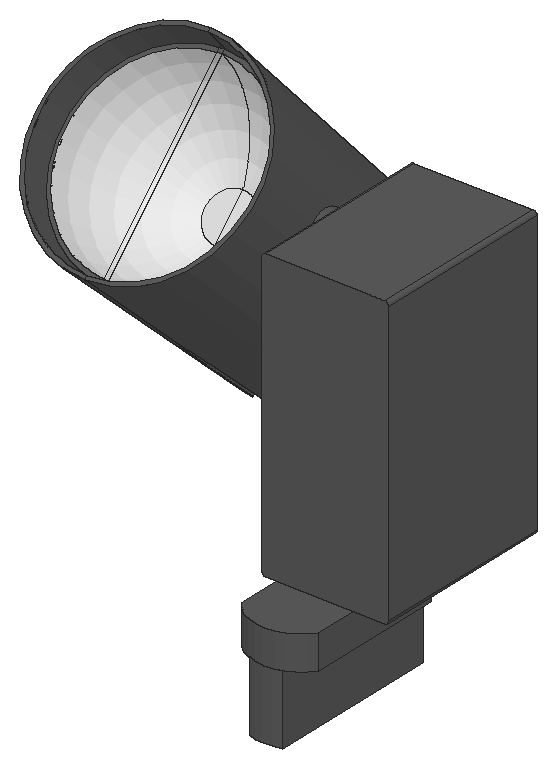
Revit family "0004850 Feilo Sylvania Lighting Fixture START TRACK SPOT S 24W 4K RA80 NB BLACK", category Lighting Fixtures, host Face, Revit 2017 (continued)
Definition of nested family "Start Track Spot Head"
  Types (96, lengths in mm): name | Wattage | built-in parameter 1150134 | Photometric Web File | Model | built-in parameter 1150105 | Lumens | built-in parameter 1150107 | built-in parameter 1150106 | HeadThickness_FEILO | HeadRibOffset_FEILO | HeadRibDepth_FEILO | HeadRibCutWidth_FEILO | HeadRibCutOffset_FEILO | HeadReflectorRadius_FEILO | HeadReflectorOffset_FEILO | HeadLEDRadius_FEILO | HeadHeight_FEILO | HeadDiffusorOffset_FEILO | HeadDiaOut_FEILO | HeadDiaIn_FEILO | HeadAxisFromTop_FEILO | Emit from Circle Diameter | built-in parameter 1150104 | Description | Apparent Load
    0004812 START TRACK SPOT S 14W 3K RA80 MB WHITE | 14 W | (empty or 0) | "0004812.ies" | "START TRACK SPOT S 14W 3K RA80 MB WHITE" | 120.32 (stored number, unit not read) | 1512 lm | 3000 (stored number, unit not read) | 1.2032 (stored number, unit not read) | 1.5 | 4.179 | 55.714 | 7.167 | 50.87 | 50.588 | 55.714 | 9.556 | 117 | 9.435 | 86 | 77.477 | 69.354 | 77.477 | 10.034 (stored number, unit not read) | "Integrated LED spotlight, Textured White - RAL9016, compact and minimalist design, ideal for retail applications, die-cast aluminium body, passive cooling heatsink. Beam angle: 36°, color temperature: 3000K , total system power: 14W, total fixture output: 1508 lm, LOR: 100%, colour rendering: Ra: 80 typical, LED Chromaticity: 3 step MacAdam ellipse, lifetime: >50000 hours at L70B50, energy class: A++, A+, A, IR/UV free light source without heat radiation, operating voltage: 220-240V / 50-60Hz, drive current: 350mA, electronic driver, non-dimmable, power factor: 0.92, electrical protection: Class II, Global Track 3 Phase adapter suitable for Global trac 3-circuit tracks, ingress protection rating: IP20, suitable for internal environment only, horizontal rotation: 355°, vertical tilt: 90°, dimensions: Ø86x140x200, weight: 0.940kg." | 14 VA
    0004811 START TRACK SPOT S 14W 3K RA80 NB WHITE | 14 W | (empty or 0) | "0004811.ies" | "START TRACK SPOT S 14W 3K RA80 NB WHITE" | 123.66 (stored number, unit not read) | 1554 lm | 3000 (stored number, unit not read) | 1.2366 (stored number, unit not read) | 1.5 | 4.179 | 55.714 | 7.167 | 50.87 | 50.588 | 55.714 | 9.556 | 117 | 9.435 | 86 | 77.477 | 69.354 | 77.477 | 10.312 (stored number, unit not read) | "Integrated LED spotlight, Textured White - RAL9016, compact and minimalist design, ideal for retail applications, die-cast aluminium body, passive cooling heatsink. Beam angle: 12°, color temperature: 3000K , total system power: 14W, total fixture output: 1551 lm, LOR: 100%, colour rendering: Ra: 80 typical, LED Chromaticity: 3 step MacAdam ellipse, lifetime: >50000 hours at L70B50, energy class: A++, A+, A, IR/UV free light source without heat radiation, operating voltage: 220-240V / 50-60Hz, drive current: 350mA, electronic driver, non-dimmable, power factor: 0.92, electrical protection: Class II, Global Track 3 Phase adapter suitable for Global trac 3-circuit tracks, ingress protection rating: IP20, suitable for internal environment only, horizontal rotation: 355°, vertical tilt: 90°, dimensions: Ø86x140x200, weight: 0.940kg." | 14 VA
  Reference planes
    plane 1 "Center (Front/Back)": y = 0
    plane 2: z = 0
    plane 3 "Center (Left/Right)": x = 0
    plane 4: x = 43
    plane 5: x = -43
    plane 6: x = -38.739
    plane 7: x = 38.739
    plane 8: z = 69.354
    plane 9: z = -47.646
    plane 10: x = -41.5
    plane 11: x = -37.239
    plane 12: z = -38.211
    plane 13: z = -35.211
    plane 14: z = 8.068
    plane 15: x = -9.556
    plane 16: x = -28.667
    plane 17: x = -19.111
    plane 18: x = -27.167
    plane 19: x = -17.611
    plane 20: x = -8.056
    plane 21: z = 13.64
    plane 22: x = -29.667
    plane 23: x = -26.167
    plane 24: x = -20.111
    plane 25: x = -16.611
    plane 26: x = -10.556
    plane 27: x = -7.056
    plane 28: x = -36.239
    plane 29: x = -40.5
    plane 30: z = 65.175
    plane 31: z = 60.997
    plane 32: z = 56.818
    plane 33: z = 18.484
    plane 34: y = -43
    plane 35: y = 43
    plane 36: y = 3.583
    plane 37: y = -3.583
    plane 38: y = -2.583
    plane 39: y = 2.583
    plane 40: y = 46
    plane 41: z = 13.5
    plane 42: z = -13.5
    plane 43: y = 39
    plane 44: x = 4.708
    plane 45: x = -2.458
    plane 46: x = -1.458
    plane 47: x = 1.458
  Forms (mm)
    Extrusion 1, solid
      sketch origin (4.2, 0, 0) x (1, 0, 0) y (0, 1, 0)
        loop
          line (-1219.2, 1219.2) -> (-1219.2, -1219.2) -> (1219.2, -1219.2) -> (1219.2, 1219.2) -> (-1219.2, 1219.2)
      from 0 to -68.017
    Revolve 2, solid, material <- "Material_1_FEILO", detail levels medium+fine
      sketch origin (0, 0, 0) x (1, 0, 0) y (0, 0, 1)
        loop
          line (-43, -47.646) -> (-41.5, -47.646) -> (-40.5, -35.211) -> (-38.739, -35.211)
          arc (-38.739, -35.211) -> (-30.16, -9.517) -> (-9.556, 8.068) r 50.588
          line (-9.556, 8.068) -> (0, 8.068) -> (0, 13.64) -> (-16.611, 13.64) -> (-17.611, 60.997) -> (-19.111, 60.997) -> (-20.111, 13.64) -> (-36.239, 13.64) -> (-37.239, 69.354) -> (-38.739, 69.354) -> (-43, -47.646)
        axis (0, 69.354) -> (0, -47.646)
      angle from 360 to 0
    Extrusion 3, void
      sketch origin (0, 0, 0) x (0, 1, 0) y (0, 0, 1)
        loop
          line (-3.583, 69.354) -> (-2.583, 18.484) -> (1.932, 18.484) -> (2.932, 69.354) -> (-3.583, 69.354)
      from 43 to -43
    Revolve 4, solid, material <- "Material_2_FEILO", detail levels medium+fine
      sketch origin (0, 0, 0) x (1, 0, 0) y (0, 0, 1)
        loop
          line (-41.5, -38.211) -> (0, -38.211) -> (0, -35.211) -> (-41.5, -35.211) -> (-41.5, -38.211)
        axis (0, -35.211) -> (0, -38.211)
      angle from 360 to 0
    Revolve 5, solid, material <- "Material_1_FEILO"
      sketch origin (0, 0, 0) x (0, 1, 0) y (0, 0, 1)
        loop
          line (46, 0) -> (39, 0) -> (39, -13.5) -> (46, -13.5) -> (46, 0)
        axis (39, 0) -> (46, 0)
      angle from 360 to 0
    Revolve 6, solid, material <- "Material_1_FEILO", detail levels medium+fine
      sketch origin (0, 0, 0) x (1, 0, 0) y (0, 0, 1)
        loop
          line (-29.667, 13.64) -> (-26.167, 13.64) -> (-27.167, 65.175) -> (-28.667, 65.175) -> (-29.667, 13.64)
        loop
          line (-10.556, 13.64) -> (-7.056, 13.64) -> (-7.833, 56.818) -> (-9.778, 56.818) -> (-10.556, 13.64)
        axis (0, 65.175) -> (0, 13.64)
      angle from 360 to 0
    Extrusion 7, void
      sketch origin (0, 0, 0) x (1, 0, 0) y (0, 0, 1)
        loop
          line (4.708, 69.354) -> (-2.458, 69.354) -> (-1.458, 13.64) -> (1.458, 13.64) -> (4.708, 69.354)
      from -43 to 43
    Revolve 8, solid, material <- "Material_1_FEILO", detail levels coarse
      sketch origin (0, 0, 0) x (1, 0, 0) y (0, 0, 1)
        loop
          line (0, 69.354) -> (-38.739, 69.354) -> (-43, -47.646) -> (-41.5, -47.646) -> (-40.731, -38.211) -> (0, -38.211) -> (0, 69.354)
        axis (0, 69.354) -> (0, -47.646)
      angle from 360 to 0
  Cuts and joins
    Extrusion 3 cuts Revolve 2
    Extrusion 7 cuts Revolve 6
  Dimensions and locks
    equal spacing: plane 7, plane 3 "Center (Left/Right)", plane 6
    equal spacing: plane 4, plane 3 "Center (Left/Right)", plane 5
    "HeadDiaOut_FEILO": plane 4 to plane 5
    "HeadDiaIn_FEILO": plane 7 to plane 6
    "HeadHeight_FEILO": plane 8 to plane 9
    "HeadThickness_FEILO": plane 10 to plane 5
    "HeadThickness_FEILO": plane 11 to plane 6
    "HeadDiffusorOffset_FEILO": plane 12 to plane 9
    "HeadDiffusorThickness_FEILO": plane 13 to plane 12
    "HeadReflectorOffset_FEILO": plane 14 to plane 9
    "HeadLEDRadius_FEILO": plane 3 "Center (Left/Right)" to plane 15
    "HeadLEDRadius_FEILO": plane 15 to plane 17
    "HeadLEDRadius_FEILO": plane 17 to plane 16
    "HeadThickness_FEILO": plane 18 to plane 16
    "HeadThickness_FEILO": plane 19 to plane 17
    "HeadThickness_FEILO": plane 20 to plane 15
    "HeadRibDepth_FEILO": plane 8 to plane 21
    "HeadDraft_FEILO": plane 16 to plane 22
    "HeadDraft_FEILO": plane 23 to plane 18
    "HeadDraft_FEILO": plane 17 to plane 24
    "HeadDraft_FEILO": plane 25 to plane 19
    "HeadDraft_FEILO": plane 15 to plane 26
    "HeadDraft_FEILO": plane 27 to plane 20
    "HeadDraft_FEILO": plane 29 to plane 10
    "HeadDraft_FEILO": plane 28 to plane 11
    "HeadRibOffset_FEILO": plane 8 to plane 30
    "HeadRibOffset_FEILO": plane 30 to plane 31
    "HeadRibOffset_FEILO": plane 31 to plane 32
    "HeadAxisFromTop_FEILO": plane 8 to plane 2
    "HeadRibCutOffset_FEILO": plane 8 to plane 33
    equal spacing: plane 34, plane 1 "Center (Front/Back)", plane 35
    "HeadDiaOut_FEILO": plane 34 to plane 35
    equal spacing: plane 38, plane 1 "Center (Front/Back)", plane 39
    equal spacing: plane 37, plane 1 "Center (Front/Back)", plane 36
    "HeadRibCutWidth_FEILO": plane 37 to plane 36
    "HeadDraft_FEILO": plane 37 to plane 38
    locked: plane 35 to plane 40 at 3
    equal spacing: plane 41, plane 2, plane 42
    locked: plane 42 to plane 41 at 27
    locked: plane 43 to plane 35 at 4
    equal spacing: plane 45, imposter light, plane 44
    "HeadDraft_FEILO": plane 46 to plane 45
    "HeadRibCutWidth_FEILO": plane 44 to plane 45
    equal spacing: plane 47, plane 3 "Center (Left/Right)", plane 46
    "HeadReflectorRadius_FEILO": radius of Revolve 2 sketch curve
    aligned and locked: plane 2 to Extrusion 1
    aligned and locked: level to Extrusion 1
    aligned and locked: Revolve 2 sketch curve to plane 3 "Center (Left/Right)"  (x2)
    aligned and locked: plane 9 to Revolve 2 sketch curve  (x2)
    aligned and locked: plane 5 to Revolve 2 sketch curve
    aligned and locked: plane 10 to Revolve 2 sketch curve
    aligned and locked: plane 14 to Revolve 2 sketch curve
    aligned and locked: plane 8 to Revolve 2 sketch curve
    aligned and locked: Revolve 2 sketch curve to plane 13
    aligned and locked: plane 12 to Revolve 4 sketch curve
    aligned and locked: plane 3 "Center (Left/Right)" to Revolve 4 sketch curve
    aligned and locked: Revolve 4 sketch curve to plane 10
    aligned and locked: Revolve 4 sketch curve to plane 3 "Center (Left/Right)"
    aligned and locked: plane 12 to imposter light
    aligned and locked: imposter light to plane 1 "Center (Front/Back)"
    aligned and locked: Revolve 5 sketch curve to plane 2
    aligned and locked: plane 43 to Revolve 5 sketch curve
    aligned and locked: plane 42 to Revolve 5 sketch curve
    aligned and locked: Revolve 6 sketch curve to plane 3 "Center (Left/Right)"
    aligned and locked: plane 22 to Revolve 6 sketch curve
    aligned and locked: plane 30 to Revolve 6 sketch curve
    aligned and locked: plane 23 to Revolve 6 sketch curve
    aligned and locked: Revolve 6 sketch curve to plane 21  (x2)
    aligned and locked: plane 21 to Revolve 6 sketch curve
    aligned and locked: plane 17 to Revolve 2 sketch curve
    aligned and locked: plane 19 to Revolve 2 sketch curve
    aligned and locked: plane 31 to Revolve 2 sketch curve
    aligned and locked: plane 21 to Revolve 2 sketch curve
    aligned and locked: Extrusion 3 to plane 8
    aligned and locked: plane 33 to Extrusion 3
    aligned and locked: plane 8 to Extrusion 3 sketch curve
    aligned and locked: Extrusion 3 sketch curve to plane 33
    aligned and locked: Extrusion 3 to plane 5
    aligned and locked: plane 4 to Extrusion 3
    aligned and locked: plane 32 to Revolve 6 sketch curve
    aligned and locked: plane 44 to Extrusion 7 sketch curve
    aligned and locked: Extrusion 7 sketch curve to plane 8
    aligned and locked: plane 46 to Extrusion 7 sketch curve
    aligned and locked: plane 21 to Extrusion 7 sketch curve
    aligned and locked: plane 34 to Extrusion 7
    aligned and locked: Extrusion 7 to plane 35
    aligned and locked: Revolve 4 sketch curve to plane 13
    aligned and locked: Revolve 5 sketch curve to plane 40
    aligned and locked: Revolve 8 sketch curve to plane 3 "Center (Left/Right)"
    aligned and locked: Revolve 8 sketch curve to cut or joined group of Revolve 2, Extrusion 3  (x3)
    aligned and locked: plane 5 to Revolve 8 sketch curve
    aligned and locked: plane 3 "Center (Left/Right)" to Revolve 8 sketch curve
    aligned and locked: plane 12 to Revolve 8 sketch curve
  Automatic sketch dimensions
    Extrusion 1 sketch curve to Extrusion 1 sketch curve = 2438.4 mm  (x2)
    Extrusion 3 sketch curve to plane 37 = 0 mm
    Extrusion 3 sketch curve to plane 38 = 0 mm
    plane 39 to Extrusion 3 sketch curve = 0.651 mm
    Extrusion 3 sketch curve to plane 39 = 0.349 mm
    Revolve 6 sketch curve to plane 16 = 0 mm
    Revolve 6 sketch curve to plane 18 = 0 mm
    Revolve 6 sketch curve to plane 26 = 0 mm
    Revolve 6 sketch curve to plane 27 = 0 mm
    Revolve 6 sketch curve to plane 15 = 0.222 mm
    plane 9 to Revolve 6 sketch curve = 559.103 mm
    Revolve 6 sketch curve to plane 8 = 2535.555 mm
    plane 20 to Revolve 6 sketch curve = 0.222 mm
    Revolve 2 sketch curve to plane 29 = 0 mm
    Revolve 2 sketch curve to plane 6 = 0 mm  (x2)
    Revolve 2 sketch curve to plane 11 = 0 mm
    Revolve 2 sketch curve to plane 21 = 0 mm
    Revolve 2 sketch curve to plane 28 = 0 mm
    Revolve 2 sketch curve to plane 24 = 0 mm
    Revolve 2 sketch curve to plane 25 = 0 mm
    Revolve 2 sketch curve to plane 15 = 0 mm
    Revolve 2 sketch curve to Revolve 2 sketch curve = 557.155 mm
    Revolve 2 sketch curve to plane 8 = 2535.558 mm
    Extrusion 7 sketch curve to plane 45 = 0 mm
    Extrusion 7 sketch curve to plane 47 = 0 mm
    plane 9 to Revolve 4 sketch curve = 559.103 mm
    Revolve 4 sketch curve to plane 8 = 2535.555 mm
    Revolve 5 sketch curve to level = 0 mm
    plane 34 to Revolve 5 sketch curve = 1968.092 mm
    Revolve 5 sketch curve to plane 40 = 1405.763 mm
    Revolve 8 sketch curve to plane 6 = 0 mm
    Revolve 8 sketch curve to plane 29 = 0.231 mm
    plane 9 to Revolve 8 sketch curve = 559.103 mm
    Revolve 8 sketch curve to Revolve 8 sketch curve = 2535.555 mm
Definition of nested family "Start Track Spot Box"
  Parameters (values of type "Type Large White")
    URL = "http://www.feilosylvania.com"
    Type Image = (empty or 0)
    Type Comments = "n/a"
    Small_FEILO = no
    Material_3_FEILO = none
    Model = ""
    Manufacturer = "Feilo Sylvania"
    Keynote = ""
    Material_2_FEILO = none
    Description = ""
    Default Elevation = 1219.2 mm
    Cost = 0
    Material_1_FEILO = none
    BoxWidth_FEILO = 49 mm
    BoxStartAngle_FEILO [instance] = 0.00°
    BoxRadius_FEILO = 1.5 mm
    BoxHeight_FEILO = if(Small_FEILO, 112 mm, 136 mm)  # 136 mm
    BoxEndAngle_FEILO [instance] = BoxStartAngle_FEILO - 180.00°  # -180.00°
    BoxDepth_FEILO = if(Small_FEILO, 71.5 mm, 79 mm)  # 79 mm
    BoxAxisVerticalOffset_FEILO = 16 mm
    BoxAxisOffset_FEILO = BoxHeight_FEILO / 6.8  # 20 mm
    Assembly Code = ""
    Material_4_FEILO = none
  Types (4, lengths in mm): name | Small_FEILO | BoxHeight_FEILO | BoxDepth_FEILO | BoxAxisOffset_FEILO
    Type Large White | no | 136 | 79 | 20
    Type Small White | yes | 112 | 71.5 | 16.471
    Type Small Black | yes | 112 | 71.5 | 16.471
    Type Large Black | no | 136 | 79 | 20
  Reference planes
    plane 1 "Center (Front/Back)": y = 0
    plane 2: z = 0
    plane 3 "Center (Left/Right)": x = 0
    plane 4: x = 24.5
    plane 5: x = -24.5
    plane 6: y = 68
    plane 7: y = -68
    plane 8: z = 39.5
    plane 9: z = -39.5
    plane 10: y = -48
    plane 11: x = 30.5
    plane 12: x = 8.5
    plane 13: x = 21.5
    plane 14: y = 70
    plane 15: y = 72
    plane 16: x = 19.5
  Forms (mm)
    Extrusion 1, solid
      sketch origin (4.2, 0, 0) x (1, 0, 0) y (0, 1, 0)
        loop
          line (-1219.2, 1219.2) -> (-1219.2, -1219.2) -> (1219.2, -1219.2) -> (1219.2, 1219.2) -> (-1219.2, 1219.2)
      from 0 to -68.017
    Extrusion 2, solid, material <- "Material_1_FEILO"
      sketch origin (0, 0, 0) x (1, 0, 0) y (0, 1, 0)
        loop
          arc (-23, 68) -> (-24.061, 67.561) -> (-24.5, 66.5) r 1.5
          line (-24.5, 66.5) -> (-24.5, -66.5)
          arc (-24.5, -66.5) -> (-24.061, -67.561) -> (-23, -68) r 1.5
          line (-23, -68) -> (23, -68)
          arc (23, -68) -> (24.061, -67.561) -> (24.5, -66.5) r 1.5
          line (24.5, -66.5) -> (24.5, 66.5)
          arc (24.5, 66.5) -> (24.061, 67.561) -> (23, 68) r 1.5
          line (23, 68) -> (-23, 68)
      from -39.5 to 39.5
    Revolve 3, solid, not visible
      sketch origin (0, 0, 0) x (1, 0, 0) y (0, 1, 0)
        loop
          line (30.5, -48) -> (24.5, -48) -> (24.5, -68) -> (30.5, -68) -> (30.5, -48)
        axis (30.5, -48) -> (24.5, -48)
      angle from 0 <- "BoxStartAngle_FEILO" to -180 <- "BoxEndAngle_FEILO"
    Revolve 4, solid, material <- "Material_2_FEILO"
      sketch origin (0, 0, 0) x (1, 0, 0) y (0, 1, 0)
        loop
          line (8.5, 68) -> (19.5, 68) -> (19.5, 70) -> (21.5, 70) -> (21.5, 72) -> (8.5, 72) -> (8.5, 68)
        axis (8.5, 72) -> (8.5, 68)
      angle from 360 to 0
  Dimensions and locks
    equal spacing: plane 5, plane 3 "Center (Left/Right)", plane 4
    "BoxWidth_FEILO": plane 5 to plane 4
    equal spacing: plane 7, plane 1 "Center (Front/Back)", plane 6
    "BoxHeight_FEILO": plane 7 to plane 6
    equal spacing: plane 8, plane 2, plane 9
    "BoxDepth_FEILO": plane 8 to plane 9
    "BoxAxisOffset_FEILO": plane 7 to plane 10
    locked: plane 4 to plane 11 at 6
    "BoxAxisVerticalOffset_FEILO": plane 12 to plane 4
    locked: plane 12 to plane 13 at 13
    plane 6 to plane 14 to plane 15 = 2 mm locked, 2 mm locked
    locked: plane 12 to plane 16 at 11
    "BoxRadius_FEILO": radius of Extrusion 2 sketch curve  (x4)
    aligned and locked: plane 2 to Extrusion 1
    aligned and locked: level to Extrusion 1
    aligned and locked: plane 6 to Extrusion 2 sketch curve
    aligned and locked: plane 5 to Extrusion 2 sketch curve
    aligned and locked: Extrusion 2 sketch curve to plane 7
    aligned and locked: Extrusion 2 sketch curve to plane 4
    aligned and locked: Extrusion 2 to plane 8
    aligned and locked: plane 9 to Extrusion 2
    aligned and locked: Revolve 3 sketch curve to plane 10  (x2)
    aligned and locked: plane 11 to Revolve 3 sketch curve
    aligned and locked: Revolve 3 sketch curve to plane 4
    aligned and locked: plane 7 to Revolve 3 sketch curve
    aligned and locked: Revolve 4 sketch curve to plane 12
    aligned and locked: plane 6 to Revolve 4 sketch curve
    aligned and locked: plane 12 to Revolve 4 sketch curve
    aligned and locked: plane 15 to Revolve 4 sketch curve
    aligned and locked: Revolve 4 sketch curve to plane 13
    aligned and locked: Revolve 4 sketch curve to plane 14
    aligned and locked: Revolve 4 sketch curve to plane 16
    aligned and locked: Revolve 4 sketch curve to plane 6
  Automatic sketch dimensions
    Extrusion 1 sketch curve to Extrusion 1 sketch curve = 2438.4 mm  (x2)
    Revolve 3 sketch curve to plane 5 = 1499.5 mm
    plane 11 to Revolve 3 sketch curve = 1493.5 mm
    plane 15 to Revolve 4 sketch curve = 0 mm
    plane 7 to Revolve 4 sketch curve = 1456 mm
    Revolve 4 sketch curve to plane 15 = 1452 mm
